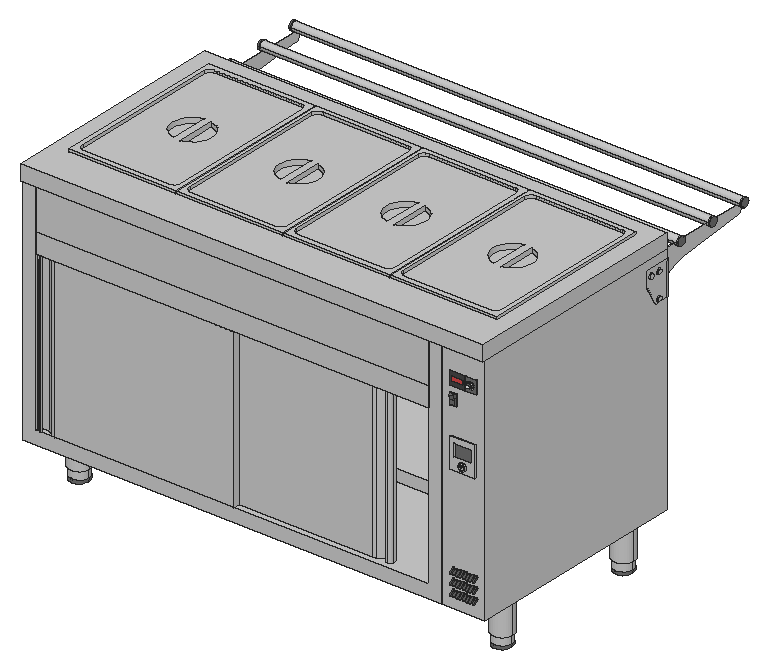
Revit family "QF_INOMAK_MHV714_250605085613", category Specialty Equipment, Revit 2021 (continued)
Definition of nested family "QF_INOMAK_CUPBOARD_RAILS_6791"
  Automatic sketch dimensions
    Extrusion 9 sketch curve to plane 6 "Top" = 63 mm
    Extrusion 9 sketch curve to plane 1 "Back" = 316 mm
    Extrusion 10 sketch curve to plane 1 "Back" = 6 mm
    Extrusion 10 sketch curve to Extrusion 10 sketch curve = 59.644 mm
    Extrusion 10 sketch curve to Extrusion 10 sketch curve = 10.356 mm  (x5)
    Extrusion 10 sketch curve to Extrusion 10 sketch curve = 15.594 mm
    Extrusion 10 sketch curve to plane 1 "Back" = 116.97 mm
    Extrusion 10 sketch curve to Extrusion 10 sketch curve = 83.694 mm
    Extrusion 10 sketch curve to Extrusion 10 sketch curve = 98.144 mm
    Extrusion 10 sketch curve to Extrusion 10 sketch curve = 1.144 mm
    Extrusion 10 sketch curve to plane 6 "Top" = 98.295 mm
    Extrusion 10 sketch curve to Extrusion 10 sketch curve = 1.607 mm
    Extrusion 10 sketch curve to Extrusion 10 sketch curve = 15 mm
    Extrusion 10 sketch curve to plane 6 "Top" = 120.292 mm
    Extrusion 10 sketch curve to Extrusion 10 sketch curve = 53.708 mm
    Extrusion 10 sketch curve to Extrusion 10 sketch curve = 8.381 mm
    Extrusion 10 sketch curve to plane 6 "Top" = 70 mm
    Extrusion 10 sketch curve to Extrusion 10 sketch curve = 7 mm  (x2)
    Extrusion 11 sketch curve to Extrusion 11 sketch curve = 0 mm  (x4)
    Extrusion 11 sketch curve to plane 3 "Left" = 0 mm
    plane 1 "Back" to Extrusion 11 sketch curve = 0 mm
    plane 1 "Back" to Extrusion 11 sketch curve = 3 mm
    Extrusion 11 sketch curve to Extrusion 11 sketch curve = 3 mm  (x2)
    Extrusion 11 sketch curve to Extrusion 11 sketch curve = 24 mm
    plane 1 "Back" to Extrusion 12 sketch curve = 81.2 mm
    Extrusion 12 sketch curve to Extrusion 12 sketch curve = 1.34 mm
    Extrusion 12 sketch curve to Extrusion 12 sketch curve = 10 mm
    Extrusion 12 sketch curve to Extrusion 12 sketch curve = 8.66 mm  (x2)
    plane 1 "Back" to Extrusion 12 sketch curve = 49.087 mm
    plane 1 "Back" to Extrusion 12 sketch curve = 3 mm
    Extrusion 12 sketch curve to plane 6 "Top" = 174 mm
    Extrusion 12 sketch curve to Extrusion 12 sketch curve = 5 mm
    Extrusion 12 sketch curve to Extrusion 12 sketch curve = 53.301 mm
    Extrusion 12 sketch curve to Extrusion 12 sketch curve = 30.699 mm
    plane 1 "Back" to Extrusion 13 sketch curve = 36.2 mm
    Extrusion 13 sketch curve to plane 6 "Top" = 88 mm
    plane 1 "Back" to Extrusion 14 sketch curve = 41.396 mm
    Extrusion 14 sketch curve to Extrusion 14 sketch curve = 5.196 mm  (x3)
    Extrusion 14 sketch curve to plane 6 "Top" = 94 mm
    Extrusion 14 sketch curve to Extrusion 14 sketch curve = 3 mm  (x3)
    Extrusion 14 sketch curve to Extrusion 14 sketch curve = 6 mm  (x2)
    plane 1 "Back" to Extrusion 15 sketch curve = 66.2 mm
    Extrusion 15 sketch curve to plane 6 "Top" = 88 mm
    plane 1 "Back" to Extrusion 16 sketch curve = 71.396 mm
    Extrusion 16 sketch curve to Extrusion 16 sketch curve = 5.196 mm  (x3)
    Extrusion 16 sketch curve to plane 6 "Top" = 94 mm
    Extrusion 16 sketch curve to Extrusion 16 sketch curve = 3 mm  (x3)
    Extrusion 16 sketch curve to Extrusion 16 sketch curve = 6 mm  (x2)
    plane 1 "Back" to Extrusion 17 sketch curve = 36.2 mm
    Extrusion 17 sketch curve to plane 6 "Top" = 162 mm
    plane 1 "Back" to Extrusion 18 sketch curve = 41.396 mm
    Extrusion 18 sketch curve to Extrusion 18 sketch curve = 5.196 mm  (x3)
    Extrusion 18 sketch curve to plane 6 "Top" = 168 mm
    Extrusion 18 sketch curve to Extrusion 18 sketch curve = 3 mm  (x3)
    Extrusion 18 sketch curve to Extrusion 18 sketch curve = 6 mm  (x2)
    Extrusion 20 sketch curve to Extrusion 20 sketch curve = 0 mm  (x4)
    Extrusion 20 sketch curve to plane 4 "Right" = 0 mm
    plane 1 "Back" to Extrusion 20 sketch curve = 0 mm
    Extrusion 20 sketch curve to plane 1 "Back" = 3 mm
    Extrusion 20 sketch curve to Extrusion 20 sketch curve = 3 mm  (x2)
    Extrusion 20 sketch curve to Extrusion 20 sketch curve = 24 mm
    Extrusion 19 sketch curve to plane 6 "Top" = 83.381 mm
    Extrusion 19 sketch curve to plane 1 "Back" = 319.5 mm
    Extrusion 19 sketch curve to Extrusion 19 sketch curve = 3.5 mm
    Extrusion 19 sketch curve to plane 6 "Top" = 98.295 mm
    Extrusion 19 sketch curve to Extrusion 19 sketch curve = 13.393 mm
    Extrusion 19 sketch curve to Extrusion 19 sketch curve = 10.356 mm  (x5)
    Extrusion 19 sketch curve to Extrusion 19 sketch curve = 98.144 mm
    Extrusion 19 sketch curve to plane 1 "Back" = 116.97 mm
    Extrusion 19 sketch curve to Extrusion 19 sketch curve = 83.694 mm
    Extrusion 19 sketch curve to Extrusion 19 sketch curve = 15.594 mm
    Extrusion 19 sketch curve to plane 1 "Back" = 6 mm
    Extrusion 19 sketch curve to plane 6 "Top" = 120.292 mm
    Extrusion 19 sketch curve to Extrusion 19 sketch curve = 53.708 mm
    Extrusion 19 sketch curve to Extrusion 19 sketch curve = 8.381 mm
    Extrusion 19 sketch curve to plane 6 "Top" = 70 mm
    Extrusion 19 sketch curve to Extrusion 19 sketch curve = 7 mm  (x2)
    plane 1 "Back" to Extrusion 22 sketch curve = 36.2 mm
    Extrusion 22 sketch curve to plane 6 "Top" = 88 mm
    plane 1 "Back" to Extrusion 23 sketch curve = 31.004 mm
    Extrusion 23 sketch curve to Extrusion 23 sketch curve = 5.196 mm  (x3)
    Extrusion 23 sketch curve to plane 6 "Top" = 94 mm
    Extrusion 23 sketch curve to Extrusion 23 sketch curve = 3 mm  (x3)
    Extrusion 23 sketch curve to Extrusion 23 sketch curve = 6 mm  (x2)
    plane 1 "Back" to Extrusion 24 sketch curve = 66.2 mm
    Extrusion 24 sketch curve to plane 6 "Top" = 88 mm
    plane 1 "Back" to Extrusion 25 sketch curve = 61.004 mm
    Extrusion 25 sketch curve to Extrusion 25 sketch curve = 5.196 mm  (x3)
    Extrusion 25 sketch curve to plane 6 "Top" = 94 mm
    Extrusion 25 sketch curve to Extrusion 25 sketch curve = 3 mm  (x3)
    Extrusion 25 sketch curve to Extrusion 25 sketch curve = 6 mm  (x2)
    plane 1 "Back" to Extrusion 26 sketch curve = 36.2 mm
    Extrusion 26 sketch curve to plane 6 "Top" = 162 mm
    plane 1 "Back" to Extrusion 27 sketch curve = 31.004 mm
    Extrusion 27 sketch curve to Extrusion 27 sketch curve = 5.196 mm  (x3)
    Extrusion 27 sketch curve to plane 6 "Top" = 168 mm
    Extrusion 27 sketch curve to Extrusion 27 sketch curve = 3 mm  (x3)
    Extrusion 27 sketch curve to Extrusion 27 sketch curve = 6 mm  (x2)
    plane 1 "Back" to Extrusion 21 sketch curve = 3 mm
    Extrusion 21 sketch curve to Extrusion 21 sketch curve = 37.426 mm
    Extrusion 21 sketch curve to Extrusion 21 sketch curve = 8.66 mm  (x2)
    Extrusion 21 sketch curve to Extrusion 21 sketch curve = 30.774 mm
    Extrusion 21 sketch curve to Extrusion 21 sketch curve = 0 mm
    Extrusion 21 sketch curve to Extrusion 21 sketch curve = 1.34 mm
    Extrusion 21 sketch curve to plane 6 "Top" = 174 mm
    Extrusion 21 sketch curve to Extrusion 21 sketch curve = 5 mm
    Extrusion 21 sketch curve to Extrusion 21 sketch curve = 53.301 mm
    Extrusion 21 sketch curve to Extrusion 21 sketch curve = 30.699 mm
    plane 1 "Back" to curve 23 = 0 mm
    plane 1 "Back" to curve 17 = 0 mm
    plane 1 "Back" to curve 18 = 0 mm
    plane 1 "Back" to curve 24 = 0 mm
    plane 4 "Right" to curve 3 = 15 mm
    curve 3 to plane 1 "Back" = 63.5 mm
    curve 3 to curve 4 = 25 mm
    plane 3 "Left" to curve 6 = 15 mm
    curve 1 to curve 6 = 95 mm
    curve 6 to curve 6 = 25 mm
    plane 4 "Right" to curve 12 = 15 mm
    curve 5 to curve 12 = 95 mm
    curve 11 to curve 12 = 25 mm
    plane 4 "Right" to curve 8 = 15 mm
    plane 3 "Left" to curve 11 = 15 mm
    plane 3 "Left" to curve 3 = 15 mm
    curve 1 to curve 25 = 5 mm
    curve 9 to curve 27 = 5 mm
    curve 5 to curve 26 = 5 mm
    curve 26 to curve 21 = 10 mm
    plane 4 "Right" to curve 23 = 30 mm
    curve 26 to curve 19 = 10 mm
    curve 19 to curve 20 = 3 mm
    curve 21 to curve 22 = 3 mm
    curve 23 to curve 24 = 3 mm
    curve 16 to curve 1 = 18 mm
    curve 14 to curve 10 = 18 mm
    curve 18 to curve 2 = 18 mm
    curve 18 to curve 17 = 3 mm
    curve 14 to curve 13 = 3 mm
    curve 16 to curve 15 = 3 mm
    curve 28 to curve 10 = 5 mm
    curve 29 to curve 5 = 5 mm
    curve 30 to curve 1 = 5 mm
    radius of Sweep 1 sketch curve = 12.5 mm
    radius of Extrusion 2 sketch curve = 12.5 mm
    radius of Extrusion 3 sketch curve = 12.5 mm
    radius of Sweep 4 sketch curve = 12.5 mm
    radius of Extrusion 5 sketch curve = 12.5 mm
    radius of Extrusion 6 sketch curve = 12.5 mm
    radius of Sweep 7 sketch curve = 12.5 mm
    radius of Extrusion 8 sketch curve = 12.5 mm
    radius of Extrusion 9 sketch curve = 12.5 mm
    radius of Extrusion 13 sketch curve = 7 mm
    radius of Extrusion 15 sketch curve = 7 mm
    radius of Extrusion 17 sketch curve = 7 mm
    radius of Extrusion 22 sketch curve = 7 mm
    radius of Extrusion 24 sketch curve = 7 mm
    radius of Extrusion 26 sketch curve = 7 mm
Definition of nested family "CONN_POINT_COLDWATER_2D___Generic_Annotation"
  Parameters (values of type "CONN_POINT_COLDWATER_2D___Generic_Annotation")
    Onboard connection annotation symbol visibility [instance] = yes
  Reference planes
    plane 1: y = 0
    plane 2: x = 0
  Lines and regions (mm)
    detail lines, visible <- "Onboard connection annotation symbol visibility"
      curve 1: circle (0, 0, 0) r 0.5 normal (0, 0, 1)
      curve 2: line (-1, 0, 0) -> (1, 0, 0)
      curve 3: line (0, 1, 0) -> (0, -1, 0)
      curve 4: line (3.241, 1, 0) -> (3.717, -1, 0)
      curve 5: line (3.717, -1, 0) -> (4.193, 1, 0)
      curve 6: line (4.193, 1, 0) -> (4.669, -1, 0)
      curve 7: line (4.669, -1, 0) -> (5.145, 1, 0)
      curve 8: arc (2.67, 0.524, 0) -> (2.004, 1, 0) -> (1.337, 0.524, 0) r 0.704
      curve 9: arc (1.337, -0.524, 0) -> (2.004, -1, 0) -> (2.67, -0.524, 0) r 0.704
      curve 10: arc (1.337, 0.524, 0) -> (1.25, 0, 0) -> (1.337, -0.524, 0) r 1.616
Definition of nested family "CONN_POINT_DRAIN_2D___Generic_Annotation"
  Parameters (values of type "CONN_POINT_DRAIN_2D___Generic_Annotation")
    Onboard connection annotation symbol visibility [instance] = yes
  Reference planes
    plane 1: y = 0
    plane 2: x = 0
  Lines and regions (mm)
    detail lines, visible <- "Onboard connection annotation symbol visibility"
      curve 1: circle (0, 0, 0) r 0.5 normal (0, 0, 1)
      curve 2: line (-1, 0, 0) -> (1, 0, 0)
      curve 3: line (0, 1, 0) -> (0, -1, 0)
      curve 4: line (1.776, 1, 0) -> (1.25, 1, 0)
      curve 5: line (1.25, 1, 0) -> (1.25, -1, 0)
      curve 6: line (1.25, -1, 0) -> (1.776, -1, 0)
      curve 7: arc (2.206, -0.862, 0) -> (2.459, -0.589, 0) -> (2.583, -0.238, 0) r 0.918
      curve 8: arc (2.583, 0.238, 0) -> (2.459, 0.589, 0) -> (2.206, 0.862, 0) r 0.918
      curve 9: arc (2.583, -0.238, 0) -> (2.599, 0, 0) -> (2.583, 0.238, 0) r 1.77
      curve 10: arc (2.206, 0.862, 0) -> (2.002, 0.965, 0) -> (1.776, 1, 0) r 0.741
      curve 11: arc (1.776, -1, 0) -> (2.002, -0.965, 0) -> (2.206, -0.862, 0) r 0.741
Definition of nested family "CONN_POINT_ELE_2D___Generic_Annotation"
  Parameters (values of type "CONN_POINT_ELE_2D___Generic_Annotation")
    Onboard connection annotation symbol visibility [instance] = yes
  Reference planes
    plane 1: y = 0
    plane 2: x = 0
  Lines and regions (mm)
    detail lines, visible <- "Onboard connection annotation symbol visibility"
      curve 1: circle (0, 0, 0) r 0.5 normal (0, 0, 1)
      curve 2: line (-1, 0, 0) -> (1, 0, 0)
      curve 3: line (0, 1, 0) -> (0, -1, 0)
      curve 4: line (2.5, 1, 0) -> (1.25, 1, 0)
      curve 5: line (1.25, 1, 0) -> (1.25, -1, 0)
      curve 6: line (1.25, -1, 0) -> (2.5, -1, 0)
      curve 7: line (1.25, 0, 0) -> (2, 0, 0)
